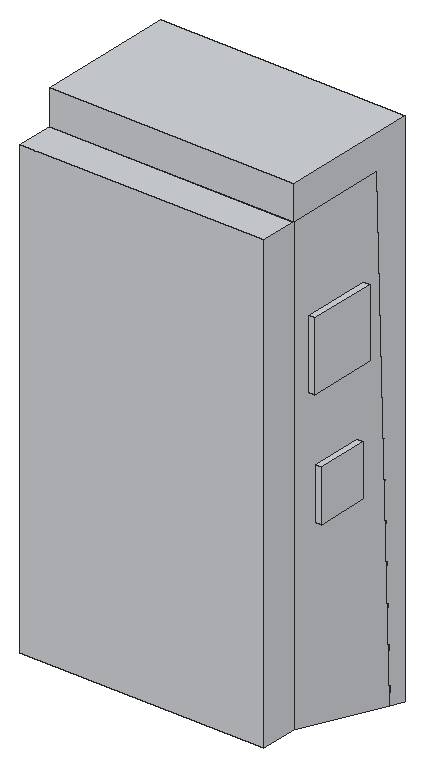
Revit family "Hager-WITTY PARK-fr-FR-FR", category Electrical Equipment, host Wall, Revit 2021
Family settings
  Host = Wall
  Panel Configuration = Two Columns, Circuits Across
  Round Connector Dimension = Use Diameter
  Part Type = Panelboard
  Always vertical = Yes
  Cut with Voids When Loaded = No
  Shared = No
  Room Calculation Point = No
Parameters (values of type "WITTY PARK-2x22KW-3P-XEV601")
  puissance max. par point de chargement = 22000 W
  puissance de raccordement nominale = 44000 W
  profondeur = 202 mm
  nombre de prises de courant domestiques = 2
  nombre de prises de charge type 3 = 0
  nombre de prises de charge type 2 = 2
  nombre de prises de charge GB = 0
  nombre de prises CEE = 0
  nombre de points de chargement = 2
  nombre de coupleurs de charge type 2 CCS = 0
  nombre de coupleurs de charge type 2 = 0
  nombre de coupleurs de charge type 1 CCS = 0
  nombre de coupleurs de charge type 1 = 0
  nombre de coupleurs de charge GB CC = 0
  nombre de coupleurs de charge GB CA = 0
  nombre de coupleurs de charge CHAdeMO = 0
  nombre d'interrupteurs différentiels type B = 0
  nombre d'interrupteurs différentiels type A = 0
  mode de pose = "montage mural"
  matériau du boîtier/corps = "autre"
  longueur du câble de charge = 0 mm
  largeur = 355 mm
  indice de protection contre les chocs (IK) = "IK10"
  indice de protection (IP) = "IP54"
  hauteur = 765 mm
  fonction contrôle d'accès = yes
  exécution raccord côté installation = "triphasé"
  compatible avec Google Assistant = no
  compatible avec Apple HomeKit = no
  compatible avec Amazon Alexa = no
  compatible IFTTT = no
  avec interface de communication = yes
  avec gestion de la charge = no
  avec disjoncteur de protection = no
  avec compteur d'énergie = no
  avec boîte de raccordement domestique = no
  avec affichage = no
  With_Wall_Support [instance] = yes
  built-in parameter 1140142 [instance] = (empty or 0)
  Reference description = "EVSE witty park 2x22kW 3P M3T2S M2TE"
  Reference = "WITTY PARK-2x22KW-3P-XEV601"
  Position_Vertical [instance] = if(With_Wall_Support, 54 mm, 0 mm)  # 54 mm
  Object type = ""
  Neutral Bus = No
  Name hager = "ADD_ChargingStation_EC002883"
  Name BIM&CO = "Workstation equipment"
  Name = "Template-EVCS-WittyPark_EU-EC002883"
  Manufacturer = "hager"  # constant formula
  HG000099-Onfly Template ID = "1043788"
  HG000065-Avec prise TE = no
  HG000059-Operating voltage = 410 V
  HG000004-Référence fabricant = "XEV601"
  HG000004 - Manufacturer reference (Accessory) [instance] = if(With_Wall_Support, "XEV427", "-")  # "XEV427"
  HG000003-Gamme = "WITTY PARK"
  Ground Bus = no
  GTIN (Global Trade Item Number) = ""
  built-in parameter 1155100 [instance] = (empty or 0)
  Default Elevation = 1000 mm
  EF000049 - Depth [instance] = profondeur  # 202 mm
  EF000040 - Height [instance] = hauteur  # 765 mm
  EF000008 - Width [instance] = largeur  # 355 mm
  Creation Date = "1/16/2024 1:40:47 PM"
  Code hager = "ADD-EC002883_EVCS"
  BIM&CO code = ""
  BIM&CO Code = ""
  BC_VARIANT_ID = "842300"
  BC_OBJECT_VERSION = "#1"  # constant formula
  BC_OBJECT_ID = "349825"  # constant formula
  BC_MODEL_ID = "1043790"  # constant formula
Types (4, lengths in mm): name | puissance max. par point de chargement | puissance de raccordement nominale | exécution raccord côté installation | avec compteur d'énergie | Reference description | Reference | HG000004-Référence fabricant | BC_VARIANT_ID
  WITTY PARK-2x7.4KW-1P-XEV600C | 7400 W | 15000 W | "monophasé" | yes | "EVSE witty park 2x7kW 1P M3T2S M2TE" | "WITTY PARK-2x7.4KW-1P-XEV600C" | "XEV600C" | "842298"
  WITTY PARK-2x22KW-3P-XEV601 | 22000 W | 44000 W | "triphasé" | no | "EVSE witty park 2x22kW 3P M3T2S M2TE" | "WITTY PARK-2x22KW-3P-XEV601" | "XEV601" | "842300"
  WITTY PARK-2x22KW-3P-XEV601C | 22000 W | 44000 W | "triphasé" | yes | "EVSE witty park 2x22kW 3P M3T2S M2TE" | "WITTY PARK-2x22KW-3P-XEV601C" | "XEV601C" | "842302"
  WITTY PARK-2x7.4KW-1P-XEV600 | 7400 W | 15000 W | "monophasé" | no | "EVSE witty park 2x7kW 1P M3T2S M2TE" | "WITTY PARK-2x7.4KW-1P-XEV600" | "XEV600" | "842296"
Reference planes
  plane 1 "Wall": y = 0
  plane 2 "Center (Left/Right)": x = 125
  plane 3 "Back": y = 75
  plane 4: y = 129
  plane 5: z = 800
Text (mm)
  text "Placement Side" at (-1848.837, 1116.779, 0), in view "Ref. Level"
  text "Placement side" at (0, 1409.804, 2854.306), in view "Left"
  text "Placement side" at (0, 499.811, 2980.732), in view "Right"
Dimensions and locks
  locked: plane 3 "Back" to host wall
  "Position_Vertical": plane 3 "Back" to plane 4
  plane 5 to level = 800 mm
  aligned and locked: plane 1 "Wall" to host wall
  aligned and locked: nested 1 to plane 4
  aligned and locked: nested 1 to plane 2 "Center (Left/Right)"
  aligned and locked: plane 3 "Back" to nested 2
  aligned and locked: plane 2 "Center (Left/Right)" to nested 2
  aligned and locked: nested 2 to plane 5
  aligned and locked: plane 5 to nested 1
Nested families
  nested 1: "WittyPark_ECVS" at (125, 230, 748) x (-1, 0, 0) z (0, 0, 1), EF000008 - Width <- "EF000008 - Width", EF000040 - Height <- "EF000040 - Height", EF000049 - Depth <- "EF000049 - Depth", type "WittyPark_ECVS"
    with Thickness 50 mm, Length_angle 10 mm, Height_Back 713 mm, EF000049 - Depth 202 mm, EF000040 - Height 765 mm, EF000008 - Width 355 mm
  nested 2: "WittyPark_Wall_Accessory" at (125, 102, 800), visible <- "With_Wall_Support", type "WittyPark_Wall_Accessory"
    with EF000049 - Depth 54 mm, EF000040 - Height 663 mm, EF000008 - Width 355 mm
Definition of nested family "WittyPark_ECVS"
  Parameters (values of type "WittyPark_ECVS")
    re = 100 mm
    Thickness [instance] = 50 mm  # constant formula
    Length_angle [instance] = 10 mm  # constant formula
    Height_Back [instance] = 713 mm  # constant formula
    Default Elevation = 0 mm
    EF000049 - Depth [instance] = 202 mm
    EF000040 - Height [instance] = 765 mm
    EF000008 - Width [instance] = 355 mm
  Reference planes
    plane 1 "Center (Front/Back)": y = 0
    plane 2: z = 0
    plane 3 "Center (Left/Right)": x = 0
    plane 4: y = 101
    plane 5: y = -101
    plane 6: x = 177.5
    plane 7: x = -177.5
    plane 8: z = 765
    plane 9: z = 52
    plane 10: z = 715
    plane 11: y = -51
    plane 12: y = -74
    plane 13: y = 25
  Forms (mm)
    Extrusion 1, solid
      sketch origin (0, 0, 0) x (0, 1, 0) y (0, 0, 1)
        loop
          line (101, 715) -> (-51, 715) -> (-74, 6.95) -> (101, 52) -> (101, 715)
      from -177.5 to 177.5
    Extrusion 2, solid
      sketch origin (0, 0, 0) x (0, 1, 0) y (0, 0, 1)
        loop
          line (101, 765) -> (-101, 765) -> (-101, 0) -> (-74, 6.95) -> (-51, 715) -> (101, 715) -> (101, 765)
      from -177.5 to 177.5
    Extrusion 3, solid
      sketch origin (0, 0, 0) x (1, 0, 0) y (0, 1, 0)
        loop
          line (-187.5, 75) -> (-187.5, -25) -> (-177.5, -25) -> (-177.5, 75) -> (-187.5, 75)
      from 482 to 582
    Extrusion 4, solid
      sketch origin (0, 0, 0) x (1, 0, 0) y (0, 1, 0)
        loop
          line (-187.5, 62.5) -> (-187.5, -12.5) -> (-177.5, -12.5) -> (-177.5, 62.5) -> (-187.5, 62.5)
      from 307 to 382
    Extrusion 5, solid
      sketch origin (0, 0, 0) x (1, 0, 0) y (0, 1, 0)
        loop
          line (177.5, 75) -> (177.5, -25) -> (187.5, -25) -> (187.5, 75) -> (177.5, 75)
      from 482 to 582
    Extrusion 6, solid
      sketch origin (0, 0, 0) x (1, 0, 0) y (0, 1, 0)
        loop
          line (177.5, 62.5) -> (177.5, -12.5) -> (187.5, -12.5) -> (187.5, 62.5) -> (177.5, 62.5)
      from 307 to 382
  Lines and regions (mm)
    reference lines
      curve 1: line (0, 101, 52) -> (0, -101, 0)
  Dimensions and locks
    equal spacing: plane 4, plane 1 "Center (Front/Back)", plane 5
    equal spacing: plane 7, plane 3 "Center (Left/Right)", plane 6
    "EF000040 - Height": plane 8 to level
    "Thickness": plane 11 to plane 5
    "EF000049 - Depth": plane 4 to plane 5
    "EF000008 - Width": plane 7 to plane 6
    "Height_Back": plane 8 to plane 9
    "Thickness": plane 8 to plane 10
    plane 4 to plane 12 = 175 mm
    Extrusion 3 sketch curve to plane 7 = 10 mm
    Extrusion 3 sketch curve to Extrusion 3 sketch curve = 100 mm
    Extrusion 3 to Extrusion 3 = 100 mm
    Extrusion 3 to plane 9 = 430 mm
    Extrusion 4 sketch curve to plane 7 = 10 mm
    Extrusion 4 sketch curve to Extrusion 4 sketch curve = 75 mm
    plane 9 to Extrusion 4 = 255 mm
    Extrusion 4 to Extrusion 4 = 75 mm
    plane 6 to Extrusion 5 sketch curve = 10 mm
    Extrusion 5 sketch curve to Extrusion 5 sketch curve = 100 mm
    Extrusion 6 sketch curve to Extrusion 6 sketch curve = 75 mm
    plane 6 to Extrusion 6 sketch curve = 10 mm
    Extrusion 5 to Extrusion 5 = 100 mm
    Extrusion 6 to Extrusion 6 = 75 mm
    plane 9 to Extrusion 5 = 430 mm
    plane 9 to Extrusion 6 = 255 mm
    equal spacing: plane 4, plane 13, plane 11
    equal spacing: Extrusion 3 sketch curve, plane 13, Extrusion 3 sketch curve
    equal spacing: Extrusion 4 sketch curve, plane 13, Extrusion 4 sketch curve
    equal spacing: Extrusion 5 sketch curve, plane 13, Extrusion 5 sketch curve
    equal spacing: Extrusion 6 sketch curve, plane 13, Extrusion 6 sketch curve
    aligned and locked: level to plane 2
    aligned and locked: Extrusion 1 sketch curve to plane 10
    aligned and locked: plane 4 to Extrusion 1 sketch curve
    aligned and locked: Extrusion 2 sketch curve to plane 4
    aligned and locked: Extrusion 2 sketch curve to plane 8
    aligned and locked: plane 5 to Extrusion 2 sketch curve  (x2)
    aligned and locked: plane 10 to Extrusion 2 sketch curve
    aligned and locked: level to Extrusion 2 sketch curve
    aligned and locked: Extrusion 2 to plane 7
    aligned and locked: plane 6 to Extrusion 2
    aligned and locked: plane 6 to Extrusion 1
    aligned and locked: Extrusion 1 to plane 7
    aligned and locked: plane 12 to Extrusion 2 sketch curve
    aligned and locked: plane 9 to Extrusion 1 sketch curve
    aligned and locked: plane 12 to Extrusion 1 sketch curve
    aligned and locked: level to curve 1
    aligned and locked: plane 5 to curve 1
    aligned and locked: plane 4 to curve 1
    aligned and locked: plane 9 to Extrusion 1
    aligned and locked: curve 1 to Extrusion 1 sketch curve
    aligned and locked: Extrusion 2 sketch curve to Extrusion 1
    aligned and locked: Extrusion 3 sketch curve to plane 7
    aligned and locked: Extrusion 4 sketch curve to plane 7
    aligned and locked: plane 6 to Extrusion 5 sketch curve
    aligned and locked: plane 6 to Extrusion 6 sketch curve
  Automatic sketch dimensions
    curve 1 to plane 9 = 0 mm
    Extrusion 1 sketch curve to plane 11 = 0 mm
    Extrusion 2 sketch curve to plane 11 = 0 mm
  Connectors
    electrical at (0, 101, 383.5)
      settings: on Extrusion 1, index 1, voltage 0 V, apparent load 0 VA, apparent load phase1 0 VA, apparent load phase2 0 VA, apparent load phase3 0 VA, power factor 1, load classification none, number of poles 1, system type 31, power factor state 1, is connector primary yes, connector utility no, sub classification motor no, connector description ""
Definition of nested family "WittyPark_Wall_Accessory"
  Parameters (values of type "WittyPark_Wall_Accessory")
    HG000004 - Manufacturer reference = "XEV427"  # constant formula
    HG000003 - Range = "WITTY PARK"  # constant formula
    Default Elevation = 0 mm
    EF007251 - Suitable for cable patch = no
    EF005774 - Suitable for outdoor set-up = 1 = 1  # yes
    EF002169 - Material = "EV000166"  # constant formula
    EF000327 - Suitable for enclosure building depth = 0 mm  # constant formula
    EF000326 - Suitable for enclosure building width = 0 mm
    EF000324 - Suitable for aeration/de-aeration = 1 = 0  # no
    EF000258 - Max. load capacity = 0
    EF000049 - Depth [instance] = 54 mm  # constant formula
    EF000040 - Height [instance] = 663 mm  # constant formula
    EF000010 - Model = "EV008626"  # constant formula
    EF000008 - Width [instance] = 355 mm  # constant formula
    EF000007 - Colour = ""
  Reference planes
    plane 1 "Center (Front/Back)": y = 0
    plane 2: z = 0
    plane 3 "Center (Left/Right)": x = 0
    plane 4: z = 663
    plane 5: y = -27
    plane 6: y = 27
    plane 7: z = 331.5
    plane 8: x = -177.5
    plane 9: x = 177.5
  Forms (mm)
    Extrusion 1, solid
      sketch origin (0, 0, 0) x (0, 1, 0) y (0, 0, 1)
        loop
          line (27, 663) -> (-27, 663) -> (-27, 0) -> (27, 0) -> (27, 663)
      from -177.5 to 177.5
  Dimensions and locks
    equal spacing: plane 6, plane 1 "Center (Front/Back)", plane 5
    "EF000049 - Depth": plane 6 to plane 5
    equal spacing: plane 4, plane 7, level
    "EF000040 - Height": plane 4 to level
    equal spacing: plane 8, plane 3 "Center (Left/Right)", plane 9
    "EF000008 - Width": plane 8 to plane 9
    aligned and locked: level to plane 2
    aligned and locked: Extrusion 1 to plane 6
    aligned and locked: plane 4 to Extrusion 1
    aligned and locked: plane 5 to Extrusion 1
    aligned and locked: Extrusion 1 to level
    aligned and locked: plane 9 to Extrusion 1
    aligned and locked: Extrusion 1 to plane 8
  Automatic sketch dimensions
    Extrusion 1 sketch curve to plane 4 = 0 mm
    Extrusion 1 sketch curve to plane 5 = 0 mm
    Extrusion 1 sketch curve to level = 0 mm
    Extrusion 1 sketch curve to plane 6 = 0 mm
